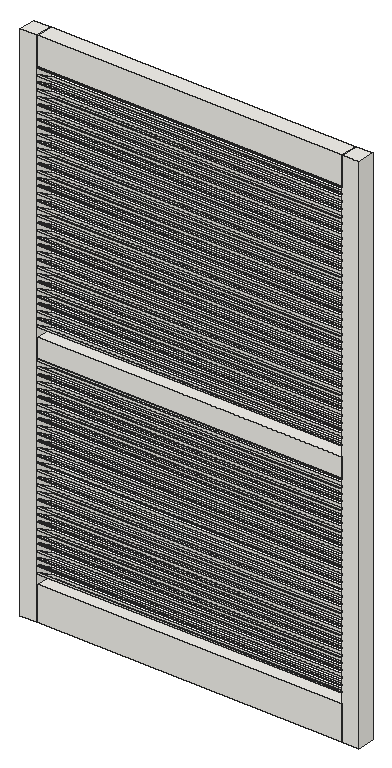
Revit family "composite-exterior-bahama-shutters", category Casework, Revit 2025
Family settings
  OmniClass Number = 23.40.35.00
  OmniClass Title = Casework
  Work Plane-Based = No
  Always vertical = Yes
  Cut with Voids When Loaded = No
  Shared = No
  Room Calculation Point = No
Parameters
  URL = "https://royalcorinthian.com/architectural-exterior-shutters/"
  Type Comments = "SHUTTERS"  # constant formula
  TOP RAIL HEIGHT = 3 1/4"
  SIDE RAIL WIDTH = 2"
  Model = "EXTERIOR BAHAMA SHUTTERS"  # constant formula
  Manufacturer = "Royal Corinthian"  # constant formula
  MATERIAL = PVC - White
  Description = "COMPOSITE EXTERIOR BAHAMA SHUTTERS"
  Depth = 2"
  Height = 62"
  Width = 40"
  Default Elevation = 0"
  CENTER RAIL LOCATION = 29"
  CENTER RAIL HEIGHT = 2 1/4"
  Bracket Height = 11 1/2"
  BOTTOM RAIL HEIGHT = 4"
Reference planes (in)
  plane 1: z = 0
  plane 2 "Center (Left/Right)": x = 1.75986
  plane 3 "Top": z = 62
  plane 4: y = -10.47093
  plane 5: y = -9.47093
  plane 6: y = -11.47093
  plane 7: x = -18.24014
  plane 8: x = 21.75986
  plane 9: x = -16.24014
  plane 10: x = 19.75986
  plane 11: z = 29
  plane 12: z = 4
  plane 13: z = 58.75
  plane 14: z = 27.875
  plane 15: z = 30.125
Dimensions and locks (in)
  "Height": level to plane 3 "Top"
  equal spacing: plane 5, plane 4, plane 6
  "Depth": plane 5 to plane 6
  "Width": plane 7 to plane 8
  equal spacing: plane 7, plane 2 "Center (Left/Right)", plane 8
  "SIDE RAIL WIDTH": plane 7 to plane 9
  "SIDE RAIL WIDTH": plane 10 to plane 8
  "CENTER RAIL LOCATION": plane 11 to plane 1
  locked: plane 12 to plane 1 at 4
  locked: plane 3 "Top" to plane 13 at 3.25
  equal spacing: plane 15, plane 11, plane 14, locked at 1.125 each
  "CENTER RAIL HEIGHT": plane 15 to plane 14
  aligned and locked: level to plane 1
  aligned and locked: plane 7 to nested 1
  aligned and locked: nested 2 to plane 8
  aligned and locked: nested 1 to plane 7
  aligned and locked: plane 4 to nested 3
  aligned and locked: nested 3 to plane 9
  aligned and locked: nested 3 to plane 11
  aligned and locked: nested 4 to plane 3 "Top"
  aligned and locked: nested 5 to plane 1
  aligned and locked: plane 10 to nested 5
  aligned and locked: plane 10 to nested 4
  aligned and locked: plane 10 to nested 3
  aligned and locked: plane 13 to nested 6
  aligned and locked: plane 14 to nested 7
  aligned and locked: nested 7 to plane 12
  aligned and locked: plane 10 to nested 7
  aligned and locked: nested 7 to plane 9
  aligned and locked: nested 6 to plane 15
  aligned and locked: plane 10 to nested 6
  aligned and locked: nested 6 to plane 9
Nested families (in)
  nested 1: "SIDES-HEADS" at (-19, 0.37117, 0), DEPTH <- "Depth", Height <- "Height", WIDTH <- "SIDE RAIL WIDTH", MATERIAL <- "MATERIAL", type "SIDES-HEADS 3"
    with WIDTH 2", MATERIAL PVC - White, Height 62", DEPTH 2"
  nested 2: "SIDES-HEADS" at (19, 0.37117, 0), DEPTH <- "Depth", Height <- "Height", WIDTH <- "SIDE RAIL WIDTH", MATERIAL <- "MATERIAL", type "SIDES-HEADS 3"
    with WIDTH 2", MATERIAL PVC - White, Height 62", DEPTH 2"
  nested 3: "SIDES-HEADS" at (-16.24014, 0.37117, 30.75986) x (0, 0, -1) z (1, 0, 0), DEPTH <- "Depth", WIDTH <- "CENTER RAIL HEIGHT", MATERIAL <- "MATERIAL", type "SIDES-HEADS 3"
    with WIDTH 2 1/4", MATERIAL PVC - White, Height 36", DEPTH 2"
  nested 4: "SIDES-HEADS" at (-16.24014, 0.37117, 62.13486) x (0, 0, -1) z (1, 0, 0), DEPTH <- "Depth", WIDTH <- "TOP RAIL HEIGHT", MATERIAL <- "MATERIAL", type "SIDES-HEADS 3"
    with WIDTH 3 1/4", MATERIAL PVC - White, Height 36", DEPTH 2"
  nested 5: "SIDES-HEADS" at (-16.24014, 0.37117, 3.75986) x (0, 0, -1) z (1, 0, 0), DEPTH <- "Depth", WIDTH <- "BOTTOM RAIL HEIGHT", MATERIAL <- "MATERIAL", type "SIDES-HEADS 3"
    with WIDTH 4", MATERIAL PVC - White, Height 36", DEPTH 2"
  nested 6: "shutter_parametric" at (1.75986, -10.47093, 53.74705), MATERIAL <- "MATERIAL", type "shutter_parametric"
    with w 36", n 36, h 28 5/8", MATERIAL PVC - White
  nested 7: "shutter_parametric" at (1.75986, -10.47093, 25.24705), MATERIAL <- "MATERIAL", type "shutter_parametric"
    with w 36", n 30, h 23 7/8", MATERIAL PVC - White
Definition of nested family "SIDES-HEADS"
  Parameters (values of type "SIDES-HEADS")
    WIDTH [instance] = 13.1305"
    MATERIAL [instance] = none
    Depth = 2"  # constant formula
    Height [instance] = 66.14173"
    Width = 0.07874"
    Default Elevation = 48"
    DEPTH [instance] = 0.57029"
  Types (4): name | WIDTH | Height | Width | DEPTH
    SIDES-HEADS | 13.1305" | 66.14173" | 0.07874" | 0.57029"
    SIDES-HEADS 4 | 12.92126" | 4" | 3.93701" | 7.30373"
    SIDES-HEADS 3 | 12.92126" | 4" | 2.53937" | 7.30373"
    SIDES-HEADS 2 | 12.92126" | 4" | 12.92126" | 7.30373"
  Reference planes (in)
    plane 1: z = 0
    plane 2 "Center (Left/Right)": x = 1.75986
    plane 3: z = 4
    plane 4: y = -10.84209
    plane 5: x = -4.70077
    plane 6: x = 8.22049
    plane 7: y = -14.49396
    plane 8: y = -7.19023
  Forms (in)
    Extrusion 1, solid, material <- "MATERIAL"
      sketch origin (0, 0, 0) x (1, 0, 0) y (0, 1, 0)
        loop
          line (-4.70077, -14.49396) -> (8.22049, -14.49396) -> (8.22049, -7.19023) -> (-4.70077, -7.19023) -> (-4.70077, -14.49396)
      from 0 to 4
  Lines and regions (in)
    model lines, not visible
      curve 1: line (7.18925, 143.95917, 0) -> (7.18925, 143.15137, 0)
      curve 2: line (7.18925, 143.15137, 0) -> (-5.31665, 143.15137, 0)
      curve 3: line (-5.31665, 143.15137, 0) -> (-5.31665, 143.95917, 0)
      curve 4: line (-4.92295, 31.95917, 0) -> (-4.92295, 44.07613, 0)
      curve 5: line (-4.92295, 44.07613, 0) -> (-4.3324, 44.68198, 0)
      curve 6: line (6.89398, 143.15137, 0) -> (6.88503, 143.05512, 0)
      curve 7: line (6.88503, 143.05512, 0) -> (6.86552, 142.96052, 0)
      curve 8: line (6.86552, 142.96052, 0) -> (6.8357, 142.8688, 0)
      curve 9: line (6.8357, 142.8688, 0) -> (6.79596, 142.78112, 0)
      curve 10: line (6.79596, 142.78112, 0) -> (6.7468, 142.69863, 0)
      curve 11: line (6.7468, 142.69863, 0) -> (6.68885, 142.62237, 0)
      curve 12: line (6.68885, 142.62237, 0) -> (6.62287, 142.55333, 0)
      curve 13: line (6.62287, 142.55333, 0) -> (6.54969, 142.49239, 0)
      curve 14: line (6.54969, 142.49239, 0) -> (6.47027, 142.44034, 0)
      curve 15: line (6.47027, 142.44034, 0) -> (6.38561, 142.39784, 0)
      curve 16: line (6.38561, 142.39784, 0) -> (6.29681, 142.36545, 0)
      curve 17: line (6.29681, 142.36545, 0) -> (6.205, 142.34357, 0)
      curve 18: line (6.205, 142.34357, 0) -> (-4.3324, 142.34357, 0)
      curve 19: line (-4.3324, 142.34357, 0) -> (-4.4242, 142.36545, 0)
      curve 20: line (-4.4242, 142.36545, 0) -> (-4.51301, 142.39784, 0)
      curve 21: line (-4.51301, 142.39784, 0) -> (-4.59766, 142.44034, 0)
      curve 22: line (-4.59766, 142.44034, 0) -> (-4.67709, 142.49239, 0)
      curve 23: line (-4.67709, 142.49239, 0) -> (-4.75027, 142.55333, 0)
      curve 24: line (-4.75027, 142.55333, 0) -> (-4.81625, 142.62237, 0)
      curve 25: line (-4.81625, 142.62237, 0) -> (-4.87419, 142.69863, 0)
      curve 26: line (-4.87419, 142.69863, 0) -> (-4.92335, 142.78112, 0)
      curve 27: line (-4.92335, 142.78112, 0) -> (-4.9631, 142.8688, 0)
      curve 28: line (-4.9631, 142.8688, 0) -> (-4.99292, 142.96052, 0)
      curve 29: line (-4.99292, 142.96052, 0) -> (-5.01243, 143.05512, 0)
      curve 30: line (-5.01243, 143.05512, 0) -> (-5.02138, 143.15137, 0)
      curve 31: line (6.79555, 31.95917, 0) -> (6.79555, 44.07613, 0)
      curve 32: line (6.79555, 44.07613, 0) -> (6.205, 44.68198, 0)
      curve 33: line (6.205, 44.68198, 0) -> (-4.3324, 44.68198, 0)
      curve 34: line (-4.3324, 44.68198, 0) -> (-4.45977, 44.69918, 0)
      curve 35: line (-4.45977, 44.69918, 0) -> (-4.57846, 44.74962, 0)
      curve 36: line (-4.57846, 44.74962, 0) -> (-4.68038, 44.82985, 0)
      curve 37: line (-4.68038, 44.82985, 0) -> (-4.75859, 44.93442, 0)
      curve 38: line (-4.75859, 44.93442, 0) -> (-4.80776, 45.05618, 0)
      curve 39: line (-4.80776, 45.05618, 0) -> (-4.82453, 45.18685, 0)
      curve 40: line (-4.82453, 45.18685, 0) -> (-4.80776, 45.31753, 0)
      curve 41: line (-4.80776, 45.31753, 0) -> (-4.75859, 45.43929, 0)
      curve 42: line (-4.75859, 45.43929, 0) -> (-4.68038, 45.54385, 0)
      curve 43: line (-4.68038, 45.54385, 0) -> (-4.57846, 45.62409, 0)
      curve 44: line (-4.57846, 45.62409, 0) -> (-4.45977, 45.67452, 0)
      curve 45: line (-4.45977, 45.67452, 0) -> (-4.3324, 45.69173, 0)
      curve 46: line (-4.3324, 45.69173, 0) -> (6.205, 45.69173, 0)
      curve 47: line (6.205, 45.69173, 0) -> (6.33237, 45.67452, 0)
      curve 48: line (6.33237, 45.67452, 0) -> (6.45107, 45.62409, 0)
      curve 49: line (6.45107, 45.62409, 0) -> (6.55299, 45.54385, 0)
      curve 50: line (6.55299, 45.54385, 0) -> (6.6312, 45.43929, 0)
      curve 51: line (6.6312, 45.43929, 0) -> (6.68036, 45.31753, 0)
      curve 52: line (6.68036, 45.31753, 0) -> (6.69713, 45.18685, 0)
      curve 53: line (6.69713, 45.18685, 0) -> (6.68036, 45.05618, 0)
      curve 54: line (6.68036, 45.05618, 0) -> (6.6312, 44.93442, 0)
      curve 55: line (6.6312, 44.93442, 0) -> (6.55299, 44.82985, 0)
      curve 56: line (6.205, 135.47729, 0) -> (-4.3324, 135.47729, 0)
      curve 57: line (-4.3324, 135.47729, 0) -> (-4.43575, 135.48257, 0)
      curve 58: line (-4.43575, 135.48257, 0) -> (-4.5375, 135.50195, 0)
      curve 59: line (-4.5375, 135.50195, 0) -> (-4.63581, 135.53507, 0)
      curve 60: line (-4.63581, 135.53507, 0) -> (-4.72895, 135.58134, 0)
      curve 61: line (-4.72895, 135.58134, 0) -> (-4.81523, 135.63995, 0)
      curve 62: line (-4.81523, 135.63995, 0) -> (-4.89313, 135.70983, 0)
      curve 63: line (-4.89313, 135.70983, 0) -> (-4.96125, 135.78975, 0)
      curve 64: line (-4.96125, 135.78975, 0) -> (-5.01838, 135.87827, 0)
      curve 65: line (-5.01838, 135.87827, 0) -> (-5.06348, 135.97381, 0)
      curve 66: line (-5.06348, 135.97381, 0) -> (-5.09577, 136.07468, 0)
      curve 67: line (-5.09577, 136.07468, 0) -> (-5.11465, 136.17906, 0)
      curve 68: line (-5.11465, 136.17906, 0) -> (-5.1198, 136.28509, 0)
      curve 69: line (-5.1198, 136.28509, 0) -> (6.9924, 136.28509, 0)
      curve 70: line (6.9924, 136.28509, 0) -> (6.98725, 136.17906, 0)
      curve 71: line (6.98725, 136.17906, 0) -> (6.96837, 136.07468, 0)
      curve 72: line (6.96837, 136.07468, 0) -> (6.93609, 135.97381, 0)
      curve 73: line (6.93609, 135.97381, 0) -> (6.89098, 135.87827, 0)
      curve 74: line (6.89098, 135.87827, 0) -> (6.83386, 135.78975, 0)
      curve 75: line (6.83386, 135.78975, 0) -> (6.76574, 135.70983, 0)
      curve 76: line (6.76574, 135.70983, 0) -> (6.68784, 135.63995, 0)
      curve 77: line (6.68784, 135.63995, 0) -> (6.60155, 135.58134, 0)
      curve 78: line (6.60155, 135.58134, 0) -> (6.50842, 135.53507, 0)
      curve 79: line (6.50842, 135.53507, 0) -> (6.4101, 135.50195, 0)
      curve 80: line (6.4101, 135.50195, 0) -> (6.30836, 135.48257, 0)
      curve 81: line (6.30836, 135.48257, 0) -> (6.205, 135.47729, 0)
      curve 82: line (6.205, 135.47729, 0) -> (6.205, 135.07339, 0)
      curve 83: line (6.205, 135.07339, 0) -> (6.15361, 135.06994, 0)
      curve 84: line (6.15361, 135.06994, 0) -> (6.10311, 135.05963, 0)
      curve 85: line (6.10311, 135.05963, 0) -> (6.05434, 135.04265, 0)
      curve 86: line (6.05434, 135.04265, 0) -> (6.00815, 135.01928, 0)
      curve 87: line (6.00815, 135.01928, 0) -> (5.96533, 134.98993, 0)
      curve 88: line (5.96533, 134.98993, 0) -> (5.92661, 134.95509, 0)
      curve 89: line (5.92661, 134.95509, 0) -> (5.89266, 134.91537, 0)
      curve 90: line (5.89266, 134.91537, 0) -> (5.86405, 134.87144, 0)
      curve 91: line (5.86405, 134.87144, 0) -> (5.84127, 134.82406, 0)
      curve 92: line (5.84127, 134.82406, 0) -> (5.82472, 134.77403, 0)
      curve 93: line (5.82472, 134.77403, 0) -> (5.81467, 134.72221, 0)
      curve 94: line (5.81467, 134.72221, 0) -> (5.8113, 134.66949, 0)
      curve 95: line (5.8113, 134.66949, 0) -> (5.8113, 46.49953, 0)
      curve 96: line (5.8113, 46.49953, 0) -> (5.81467, 46.44681, 0)
      curve 97: line (5.81467, 46.44681, 0) -> (5.82472, 46.39499, 0)
      curve 98: line (5.82472, 46.39499, 0) -> (5.84127, 46.34496, 0)
      curve 99: line (5.84127, 46.34496, 0) -> (5.86405, 46.29758, 0)
      curve 100: line (5.86405, 46.29758, 0) -> (5.89266, 46.25365, 0)
      curve 101: line (5.89266, 46.25365, 0) -> (5.92661, 46.21393, 0)
      curve 102: line (5.92661, 46.21393, 0) -> (5.96533, 46.17909, 0)
      curve 103: line (5.96533, 46.17909, 0) -> (6.00815, 46.14974, 0)
      curve 104: line (6.00815, 46.14974, 0) -> (6.05434, 46.12637, 0)
      curve 105: line (6.05434, 46.12637, 0) -> (6.10311, 46.10939, 0)
      curve 106: line (6.10311, 46.10939, 0) -> (6.15361, 46.09908, 0)
      curve 107: line (6.15361, 46.09908, 0) -> (6.205, 46.09563, 0)
      curve 108: line (6.205, 46.09563, 0) -> (-4.3324, 46.09563, 0)
      curve 109: line (-4.3324, 46.09563, 0) -> (-4.3324, 45.69173, 0)
      curve 110: line (6.55299, 44.82985, 0) -> (6.45107, 44.74962, 0)
      curve 111: line (6.45107, 44.74962, 0) -> (6.33237, 44.69918, 0)
      curve 112: line (6.33237, 44.69918, 0) -> (6.205, 44.68198, 0)
      curve 113: line (6.205, 135.07339, 0) -> (-4.3324, 135.07339, 0)
      curve 114: line (-4.3324, 135.07339, 0) -> (-4.3324, 135.47729, 0)
      curve 115: line (6.205, 142.34357, 0) -> (6.205, 141.93967, 0)
      curve 116: line (6.205, 141.93967, 0) -> (-4.3324, 141.93967, 0)
      curve 117: line (-4.3324, 141.93967, 0) -> (-4.3324, 142.34357, 0)
      curve 118: line (-4.3324, 46.09563, 0) -> (-4.28101, 46.09908, 0)
      curve 119: line (-4.28101, 46.09908, 0) -> (-4.2305, 46.10939, 0)
      curve 120: line (-4.2305, 46.10939, 0) -> (-4.18174, 46.12637, 0)
      curve 121: line (-4.18174, 46.12637, 0) -> (-4.13555, 46.14974, 0)
      curve 122: line (-4.13555, 46.14974, 0) -> (-4.09273, 46.17909, 0)
      curve 123: line (-4.09273, 46.17909, 0) -> (-4.05401, 46.21393, 0)
      curve 124: line (-4.05401, 46.21393, 0) -> (-4.02006, 46.25365, 0)
      curve 125: line (-4.02006, 46.25365, 0) -> (-3.99144, 46.29758, 0)
      curve 126: line (-3.99144, 46.29758, 0) -> (-3.96867, 46.34496, 0)
      curve 127: line (-3.96867, 46.34496, 0) -> (-3.95211, 46.39499, 0)
      curve 128: line (-3.95211, 46.39499, 0) -> (-3.94207, 46.44681, 0)
      curve 129: line (6.205, 45.69173, 0) -> (6.205, 46.09563, 0)
      curve 130: line (-3.94207, 46.44681, 0) -> (-3.9387, 46.49953, 0)
      curve 131: line (-3.9387, 46.49953, 0) -> (-3.9387, 134.66949, 0)
      curve 132: line (-3.9387, 134.66949, 0) -> (-3.94207, 134.72221, 0)
      curve 133: line (-3.94207, 134.72221, 0) -> (-3.95211, 134.77403, 0)
      curve 134: line (-3.95211, 134.77403, 0) -> (-3.96867, 134.82406, 0)
      curve 135: line (-3.96867, 134.82406, 0) -> (-3.99144, 134.87144, 0)
      curve 136: line (-3.99144, 134.87144, 0) -> (-4.02006, 134.91537, 0)
      curve 137: line (-4.02006, 134.91537, 0) -> (-4.05401, 134.95509, 0)
      curve 138: line (-4.05401, 134.95509, 0) -> (-4.09273, 134.98993, 0)
      curve 139: line (-4.09273, 134.98993, 0) -> (-4.13555, 135.01928, 0)
      curve 140: line (-4.13555, 135.01928, 0) -> (-4.18174, 135.04265, 0)
      curve 141: line (-4.18174, 135.04265, 0) -> (-4.2305, 135.05963, 0)
      curve 142: line (-4.2305, 135.05963, 0) -> (-4.28101, 135.06994, 0)
      curve 143: line (-4.28101, 135.06994, 0) -> (-4.3324, 135.07339, 0)
      curve 144: line (6.205, 141.93967, 0) -> (6.15361, 141.93622, 0)
      curve 145: line (6.15361, 141.93622, 0) -> (6.10311, 141.92591, 0)
      curve 146: line (6.10311, 141.92591, 0) -> (6.05434, 141.90893, 0)
      curve 147: line (6.05434, 141.90893, 0) -> (6.00815, 141.88556, 0)
      curve 148: line (6.00815, 141.88556, 0) -> (5.96533, 141.85621, 0)
      curve 149: line (-3.9387, 136.28509, 0) -> (-3.9387, 141.53577, 0)
      curve 150: line (-3.9387, 141.53577, 0) -> (-3.94207, 141.58849, 0)
      curve 151: line (-3.94207, 141.58849, 0) -> (-3.95211, 141.64031, 0)
      curve 152: line (-3.95211, 141.64031, 0) -> (-3.96867, 141.69034, 0)
      curve 153: line (-3.96867, 141.69034, 0) -> (-3.99144, 141.73772, 0)
      curve 154: line (-3.99144, 141.73772, 0) -> (-4.02006, 141.78165, 0)
      curve 155: line (-4.02006, 141.78165, 0) -> (-4.05401, 141.82137, 0)
      curve 156: line (-4.05401, 141.82137, 0) -> (-4.09273, 141.85621, 0)
      curve 157: line (-4.09273, 141.85621, 0) -> (-4.13555, 141.88556, 0)
      curve 158: line (-4.13555, 141.88556, 0) -> (-4.18174, 141.90893, 0)
      curve 159: line (-4.18174, 141.90893, 0) -> (-4.2305, 141.92591, 0)
      curve 160: line (-4.2305, 141.92591, 0) -> (-4.28101, 141.93622, 0)
      curve 161: line (-4.28101, 141.93622, 0) -> (-4.3324, 141.93967, 0)
      curve 162: line (5.8113, 136.28509, 0) -> (5.8113, 141.53577, 0)
      curve 163: line (5.8113, 141.53577, 0) -> (5.81467, 141.58849, 0)
      curve 164: line (5.81467, 141.58849, 0) -> (5.82472, 141.64031, 0)
      curve 165: line (5.82472, 141.64031, 0) -> (5.84127, 141.69034, 0)
      curve 166: line (5.84127, 141.69034, 0) -> (5.86405, 141.73772, 0)
      curve 167: line (5.86405, 141.73772, 0) -> (5.89266, 141.78165, 0)
      curve 168: line (5.89266, 141.78165, 0) -> (5.92661, 141.82137, 0)
      curve 169: line (5.92661, 141.82137, 0) -> (5.96533, 141.85621, 0)
      curve 170: line (-5.31665, 143.95917, 0) -> (7.18925, 143.95917, 0)
      curve 171: line (-4.92295, 31.95917, 0) -> (6.79555, 31.95917, 0)
  Dimensions and locks (in)
    "Height": plane 3 to plane 1
    "DEPTH": plane 7 to plane 8
    "WIDTH": plane 5 to plane 6
    equal spacing: plane 5, plane 2 "Center (Left/Right)", plane 6
    equal spacing: plane 7, plane 4, plane 8
    aligned and locked: level to plane 1
    aligned and locked: Extrusion 1 to plane 7
    aligned and locked: plane 8 to Extrusion 1
    aligned and locked: Extrusion 1 sketch curve to plane 5
    aligned and locked: plane 7 to Extrusion 1 sketch curve
    aligned and locked: plane 6 to Extrusion 1 sketch curve
    aligned and locked: plane 8 to Extrusion 1 sketch curve
    aligned and locked: plane 3 to Extrusion 1
Definition of nested family "shutter_parametric"
  Parameters (values of type "shutter_parametric (1)")
    w [instance] = 36"
    n [instance] = h / 0.7874"  # 36
    h [instance] = 28 5/8"
    MATERIAL [instance] = none
    Default Elevation = 0"
  Types (3): name
    shutter_parametric (1)
    shutter_parametric (1) 2
    shutter_parametric (1) 3
  Reference planes (in)
    plane 1 "Center (Front/Back)": y = 0
    plane 2: z = -9.30955
    plane 3 "Center (Left/Right)": x = 0
    plane 4: x = -18
    plane 5: x = 18
    plane 6: z = 5.00295
    plane 7: z = -23.62205
  Dimensions and locks (in)
    equal spacing: plane 4, plane 3 "Center (Left/Right)", plane 5
    "w": plane 4 to plane 5
    equal spacing: plane 6, plane 2, plane 7
    equal spacing: group 2, group 36, group 35, group 34, group 33, group 32, group 31, group 30, group 29, group 28, group 27, group 26, group 25, group 24, group 23, group 22, group 21, group 20, group 19, group 18, group 17, group 16, group 15, group 14, group 13, group 12, group 11, group 10, group 9, group 8, group 7, group 6, group 5, group 4, group 3, group 1
    equal spacing: group 1, group 3, group 4, group 5, group 6, group 7, group 8, group 9, group 10, group 11, group 12, group 13, group 14, group 15, group 16, group 17, group 18, group 19, group 20, group 21, group 22, group 23, group 24, group 25, group 26, group 27, group 28, group 29, group 30, group 31, group 32, group 33, group 34, group 35, group 36, group 2  (x2)
    "h": plane 6 to plane 7
    aligned and locked: plane 4 to nested 1
    aligned and locked: nested 1 to plane 5
    aligned and locked: plane 7 to nested 1
    aligned and locked: nested 2 to plane 6
  Nested families (in)
    nested 1: "shutters" at (0, 0, -22.96763), w <- "w", MATERIAL <- "MATERIAL", type "shutters"
      with w 36", MATERIAL none
    nested 2: "shutters" at (0, 0, 4.31004), w <- "w", MATERIAL <- "MATERIAL", type "shutters"
      with w 36", MATERIAL none
    nested 3: "shutters" at (0, 0, -22.18827), w <- "w", MATERIAL <- "MATERIAL", type "shutters"
      with w 36", MATERIAL none
    nested 4: "shutters" at (0, 0, -21.40891), w <- "w", MATERIAL <- "MATERIAL", type "shutters"
      with w 36", MATERIAL none
    nested 5: "shutters" at (0, 0, -20.62955), w <- "w", MATERIAL <- "MATERIAL", type "shutters"
      with w 36", MATERIAL none
    nested 6: "shutters" at (0, 0, -19.85018), w <- "w", MATERIAL <- "MATERIAL", type "shutters"
      with w 36", MATERIAL none
    nested 7: "shutters" at (0, 0, -19.07082), w <- "w", MATERIAL <- "MATERIAL", type "shutters"
      with w 36", MATERIAL none
    nested 8: "shutters" at (0, 0, -18.29146), w <- "w", MATERIAL <- "MATERIAL", type "shutters"
      with w 36", MATERIAL none
    nested 9: "shutters" at (0, 0, -17.5121), w <- "w", MATERIAL <- "MATERIAL", type "shutters"
      with w 36", MATERIAL none
    nested 10: "shutters" at (0, 0, -16.73274), w <- "w", MATERIAL <- "MATERIAL", type "shutters"
      with w 36", MATERIAL none
    nested 11: "shutters" at (0, 0, -15.95337), w <- "w", MATERIAL <- "MATERIAL", type "shutters"
      with w 36", MATERIAL none
    nested 12: "shutters" at (0, 0, -15.17401), w <- "w", MATERIAL <- "MATERIAL", type "shutters"
      with w 36", MATERIAL none
    nested 13: "shutters" at (0, 0, -14.39465), w <- "w", MATERIAL <- "MATERIAL", type "shutters"
      with w 36", MATERIAL none
    nested 14: "shutters" at (0, 0, -13.61529), w <- "w", MATERIAL <- "MATERIAL", type "shutters"
      with w 36", MATERIAL none
    nested 15: "shutters" at (0, 0, -12.83593), w <- "w", MATERIAL <- "MATERIAL", type "shutters"
      with w 36", MATERIAL none
    nested 16: "shutters" at (0, 0, -12.05656), w <- "w", MATERIAL <- "MATERIAL", type "shutters"
      with w 36", MATERIAL none
    nested 17: "shutters" at (0, 0, -11.2772), w <- "w", MATERIAL <- "MATERIAL", type "shutters"
      with w 36", MATERIAL none
    nested 18: "shutters" at (0, 0, -10.49784), w <- "w", MATERIAL <- "MATERIAL", type "shutters"
      with w 36", MATERIAL none
    nested 19: "shutters" at (0, 0, -9.71848), w <- "w", MATERIAL <- "MATERIAL", type "shutters"
      with w 36", MATERIAL none
    nested 20: "shutters" at (0, 0, -8.93912), w <- "w", MATERIAL <- "MATERIAL", type "shutters"
      with w 36", MATERIAL none
    nested 21: "shutters" at (0, 0, -8.15975), w <- "w", MATERIAL <- "MATERIAL", type "shutters"
      with w 36", MATERIAL none
    nested 22: "shutters" at (0, 0, -7.38039), w <- "w", MATERIAL <- "MATERIAL", type "shutters"
      with w 36", MATERIAL none
    nested 23: "shutters" at (0, 0, -6.60103), w <- "w", MATERIAL <- "MATERIAL", type "shutters"
      with w 36", MATERIAL none
    nested 24: "shutters" at (0, 0, -5.82167), w <- "w", MATERIAL <- "MATERIAL", type "shutters"
      with w 36", MATERIAL none
    nested 25: "shutters" at (0, 0, -5.0423), w <- "w", MATERIAL <- "MATERIAL", type "shutters"
      with w 36", MATERIAL none
    nested 26: "shutters" at (0, 0, -4.26294), w <- "w", MATERIAL <- "MATERIAL", type "shutters"
      with w 36", MATERIAL none
    nested 27: "shutters" at (0, 0, -3.48358), w <- "w", MATERIAL <- "MATERIAL", type "shutters"
      with w 36", MATERIAL none
    nested 28: "shutters" at (0, 0, -2.70422), w <- "w", MATERIAL <- "MATERIAL", type "shutters"
      with w 36", MATERIAL none
    nested 29: "shutters" at (0, 0, -1.92486), w <- "w", MATERIAL <- "MATERIAL", type "shutters"
      with w 36", MATERIAL none
    nested 30: "shutters" at (0, 0, -1.14549), w <- "w", MATERIAL <- "MATERIAL", type "shutters"
      with w 36", MATERIAL none
    nested 31: "shutters" at (0, 0, -0.36613), w <- "w", MATERIAL <- "MATERIAL", type "shutters"
      with w 36", MATERIAL none
    nested 32: "shutters" at (0, 0, 0.41323), w <- "w", MATERIAL <- "MATERIAL", type "shutters"
      with w 36", MATERIAL none
    nested 33: "shutters" at (0, 0, 1.19259), w <- "w", MATERIAL <- "MATERIAL", type "shutters"
      with w 36", MATERIAL none
    nested 34: "shutters" at (0, 0, 1.97195), w <- "w", MATERIAL <- "MATERIAL", type "shutters"
      with w 36", MATERIAL none
    nested 35: "shutters" at (0, 0, 2.75132), w <- "w", MATERIAL <- "MATERIAL", type "shutters"
      with w 36", MATERIAL none
    nested 36: "shutters" at (0, 0, 3.53068), w <- "w", MATERIAL <- "MATERIAL", type "shutters"
      with w 36", MATERIAL none
  Definition of nested family "shutters"
    Parameters (values of type "shutters")
      w [instance] = 16.45193"
      MATERIAL [instance] = none
      Default Elevation = 0"
    Reference planes (in)
      plane 1 "Center (Front/Back)": y = 0
      plane 2: z = 0
      plane 3 "Center (Left/Right)": x = 0
      plane 4: x = -8.22597
      plane 5: x = 8.22597
      plane 6: z = -0.57568
      plane 7: z = 0.61417
      plane 8: z = 0.69291
      plane 9: z = -0.65442
    Forms (in)
      Extrusion 1, solid, material <- "MATERIAL"
        sketch origin (0, 0, 0.11417) x (0, 1, 0) y (0, 0, 1)
          loop
            line (1, -0.57735) -> (-0.86603, 0.5) -> (-1, 0.5) -> (-1, 0.35005) -> (0.80115, -0.68985) -> (1, -0.68985) -> (1, -0.57735)
        from -8.22597 to 8.22597
    Dimensions and locks (in)
      equal spacing: plane 5, plane 3 "Center (Left/Right)", plane 4
      "w": plane 5 to plane 4
      aligned and locked: level to plane 2
      aligned and locked: Extrusion 1 to plane 4
      aligned and locked: plane 5 to Extrusion 1
    Automatic sketch dimensions
      level to Extrusion 1 sketch curve = 0.46422"
      plane 1 "Center (Front/Back)" to Extrusion 1 sketch curve = 1"
      Extrusion 1 sketch curve to Extrusion 1 sketch curve = 0.13397"
      Extrusion 1 sketch curve to plane 1 "Center (Front/Back)" = 0.80115"
      Extrusion 1 sketch curve to Extrusion 1 sketch curve = 0.19885"
      Extrusion 1 sketch curve to level = 0.46318"
      Extrusion 1 sketch curve to Extrusion 1 sketch curve = 0.1125"
      Extrusion 1 sketch curve to Extrusion 1 sketch curve = 0.14995"
